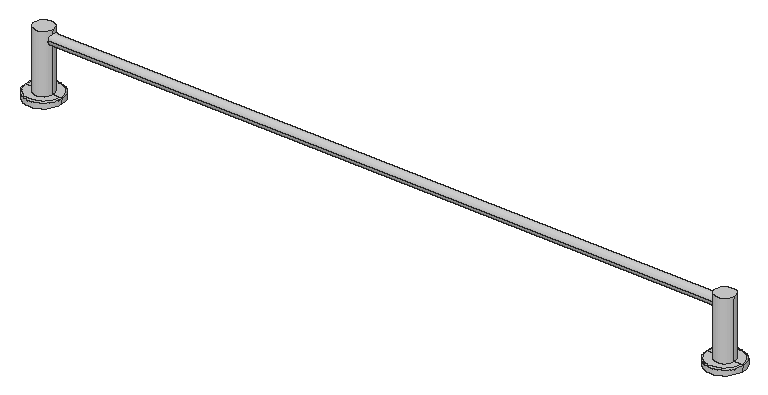
Revit family "LIANO II SINGLE TOWEL RAIL 840MM", category Specialty Equipment, host Face, Revit 2020
Family settings
  Host = Face
  Round Connector Dimension = Use Radius
  Part Type = Normal
  OmniClass Number = 23.40.20.21.27
  OmniClass Title = Towel Bars
  Cut with Voids When Loaded = No
  Shared = No
  Room Calculation Point = No
Parameters (values of type "LIANO II SINGLE TOWEL RAIL 840MM - CHROME")
  URL = "https://www.caroma.com.au/"
  Model = "96446C"
  Material_Base = GWA_Metal-Chrome
  Manufacturer = "GWA Bathrooms & Kitchens"  # constant formula
  Description = "LIANO II SINGLE TOWEL RAIL 840MM - CHROME"
  Default Elevation = 1000.00 mm
  CreatedBy_ANZRS = "GWA Bathrooms & Kitchens"  # constant formula
  Assembly Code = "C1030220"
Types (7, lengths in mm): name | Model | Material_Base | Description
  (no name) | "96446C" | GWA_Metal-Chrome | "LIANO II SINGLE TOWEL RAIL 840MM - CHROME"
  LIANO II SINGLE TOWEL RAIL 840MM - CHROME | "96446C" | GWA_Metal-Chrome | "LIANO II SINGLE TOWEL RAIL 840MM - CHROME"
  LIANO II SINGLE TOWEL RAIL 840MM - MATTE BLACK | "96446B" | GWA-Metal-Black | "LIANO II SINGLE TOWEL RAIL 840MM - MATTE BLACK"
  LIANO II SINGLE TOWEL RAIL 840MM - BRUSHED NICKEL | "96446BN" | GWA_Metal-Brushed-Nickel | "LIANO II SINGLE TOWEL RAIL 840MM - BRUSHED NICKEL"
  LIANO II SINGLE TOWEL RAIL 840MM - BRUSHED BRASS | "96446BB" | GWA_Metal-Brushed-Brass | "LIANO II SINGLE TOWEL RAIL 840MM - BRUSHED BRASS"
  LIANO II SINGLE TOWEL RAIL 840MM - GUNMETAL | "96446GM" | GWA-Metal-Gunmetal Grey | "LIANO II SINGLE TOWEL RAIL 840MM - GUNMETAL"
  LIANO II SINGLE TOWEL RAIL 840MM - BRUSHED BRONZE | "96446BBZ" | GWA_Metal-Brushed-Bronze | "LIANO II SINGLE TOWEL RAIL 840MM - BRUSHED BRONZE"
Reference planes
  plane 1 "Center (Front/Back)": y = 0
  plane 2: z = 0
  plane 3 "Center (Left/Right)": x = 0
Forms (mm)
  Revolve 1, solid, material "GWA_Metal-Chrome" <- "Material_Base"
    sketch origin (400, 0, 0) x (1, 0, 0) y (0, 0, 1)
      loop
        line (0, 7) -> (0, 0) -> (21.5, 0) -> (21.5, 6)
        arc (21.5, 6) -> (21.207, 6.707) -> (20.5, 7) r 1
        line (20.5, 7) -> (0, 7)
      axis (0, 0) -> (0, 7)
    angle from 0 to 360
  Extrusion 2, solid, material "GWA_Metal-Chrome" <- "Material_Base"
    sketch origin (400, 0, 0) x (1, 0, 0) y (0, 1, 0)
      loop
        circle (0, 0) r 11
    from 0 to 75
  Revolve 3, solid, material "GWA_Metal-Chrome" <- "Material_Base"
    sketch origin (-400, 0, 0) x (1, 0, 0) y (0, 0, 1)
      loop
        line (0, 7) -> (0, 0) -> (21.5, 0) -> (21.5, 6)
        arc (21.5, 6) -> (21.207, 6.707) -> (20.5, 7) r 1
        line (20.5, 7) -> (0, 7)
      axis (0, 0) -> (0, 7)
    angle from 0 to 360
  Extrusion 4, solid, material "GWA_Metal-Chrome" <- "Material_Base"
    sketch origin (-400, 0, 0) x (1, 0, 0) y (0, 1, 0)
      loop
        circle (0, 0) r 11
    from 0 to 75
  Extrusion 5, solid, material "GWA_Metal-Chrome" <- "Material_Base"
    sketch origin (0, 0, 0) x (0, 1, 0) y (0, 0, 1)
      loop
        circle (0, 65) r 6
    from -400 to 400
Cuts and joins
  joined: Revolve 1, Extrusion 2, Revolve 3, Extrusion 4, Extrusion 5
Lines and regions (mm)
  Masking region 1
    outline origin (0, 0, 0) x (1, 0, 0) y (0, 1, 0)
      loop
        arc (379.354, -6) -> (421.5, 0) -> (379.354, 6) r 21.5
        line (379.354, 6) -> (-379.354, 6)
        arc (-379.354, 6) -> (-421.5, 0) -> (-379.354, -6) r 21.5
        line (-379.354, -6) -> (379.354, -6)
  Masking region 2
    outline origin (0, 0, 0) x (1, 0, 0) y (0, 0, 1)
      loop
        line (420.5, 7) -> (411, 7) -> (411, 75) -> (389, 75) -> (389, 71) -> (-389, 71) -> (-389, 75) -> (-411, 75) -> (-411, 7) -> (-420.5, 7)
        arc (-420.5, 7) -> (-421.207, 6.707) -> (-421.5, 6) r 1
        line (-421.5, 6) -> (-421.5, 0) -> (-378.5, 0) -> (-378.5, 6)
        arc (-378.5, 6) -> (-378.793, 6.707) -> (-379.5, 7) r 1
        line (-379.5, 7) -> (-389, 7) -> (-389, 59) -> (389, 59) -> (389, 7) -> (379.5, 7)
        arc (379.5, 7) -> (378.793, 6.707) -> (378.5, 6) r 1
        line (378.5, 6) -> (378.5, 0) -> (421.5, 0) -> (421.5, 6)
        arc (421.5, 6) -> (421.207, 6.707) -> (420.5, 7) r 1
  Masking region 3
    outline origin (300, 0, 0) x (0, 1, 0) y (0, 0, 1)
      loop
        line (11, 7) -> (11, 75) -> (-11, 75) -> (-11, 7) -> (-20.5, 7)
        arc (-20.5, 7) -> (-21.207, 6.707) -> (-21.5, 6) r 1
        line (-21.5, 6) -> (-21.5, 0) -> (21.5, 0) -> (21.5, 6)
        arc (21.5, 6) -> (21.207, 6.707) -> (20.5, 7) r 1
        line (20.5, 7) -> (11, 7)
  symbolic lines
    curve 1: arc (-379.354, 6, 0) -> (-421.5, 0, 0) -> (-379.354, -6, 0) r 21.5
    curve 2: arc (379.354, -6, 0) -> (421.5, 0, 0) -> (379.354, 6, 0) r 21.5
    curve 3: circle (-400, 0, 0) r 11 normal (0, 0, 1)
    curve 4: circle (400, 0, 0) r 11 normal (0, 0, 1)
    curve 5: line (390.78, 6, 0) -> (-390.78, 6, 0)
    curve 6: line (390.78, -6, 0) -> (-390.78, -6, 0)
    curve 7: line (421.5, 0, 0) -> (421.5, 0, 6)
    curve 8: line (420.5, 0, 7) -> (379.5, 0, 7)
    curve 9: line (378.5, 0, 0) -> (378.5, 0, 6)
    curve 10: line (378.5, 0, 0) -> (421.5, 0, 0)
    curve 11: line (411, 0, 75) -> (389, 0, 75)
    curve 12: line (389, 0, 75) -> (389, 0, 71)
    curve 13: line (411, 0, 75) -> (411, 0, 7)
    curve 14: line (389, 0, 59) -> (-389, 0, 59)
    curve 15: line (389, 0, 71) -> (-389, 0, 71)
    curve 16: arc (421.5, 0, 6) -> (421.207, 0, 6.707) -> (420.5, 0, 7) r 1
    curve 17: arc (379.5, 0, 7) -> (378.793, 0, 6.707) -> (378.5, 0, 6) r 1
    curve 18: arc (389, 0, 71) -> (390.78, 0, 65) -> (389, 0, 59) r 11
    curve 19: line (-421.5, 0, 0) -> (-421.5, 0, 6)
    curve 20: line (-420.5, 0, 7) -> (-379.5, 0, 7)
    curve 21: line (-378.5, 0, 0) -> (-378.5, 0, 6)
    curve 22: line (-378.5, 0, 0) -> (-421.5, 0, 0)
    curve 23: line (-411, 0, 75) -> (-389, 0, 75)
    curve 24: line (-389, 0, 75) -> (-389, 0, 71)
    curve 25: line (-411, 0, 75) -> (-411, 0, 7)
    curve 26: arc (-421.5, 0, 6) -> (-421.207, 0, 6.707) -> (-420.5, 0, 7) r 1
    curve 27: arc (-379.5, 0, 7) -> (-378.793, 0, 6.707) -> (-378.5, 0, 6) r 1
    curve 28: arc (-389, 0, 71) -> (-390.78, 0, 65) -> (-389, 0, 59) r 11
    curve 29: line (389, 0, 59) -> (389, 0, 7)
    curve 30: line (-389, 0, 59) -> (-389, 0, 7)
    curve 31: line (300, -21.5, 0) -> (300, 21.5, 0)
    curve 32: line (300, 21.5, 0) -> (300, 21.5, 6)
    curve 33: line (300, 20.5, 7) -> (300, -20.5, 7)
    curve 34: line (300, -21.5, 6) -> (300, -21.5, 0)
    curve 35: line (300, -11, 75) -> (300, 11, 75)
    curve 36: line (300, 11, 75) -> (300, 11, 7)
    curve 37: line (300, -11, 75) -> (300, -11, 7)
    curve 38: arc (300, -21.5, 6) -> (300, -21.207, 6.707) -> (300, -20.5, 7) r 1
    curve 39: arc (300, 20.5, 7) -> (300, 21.207, 6.707) -> (300, 21.5, 6) r 1
Dimensions and locks
  aligned and locked: plane 2 to host face
  aligned and locked: level to host face
